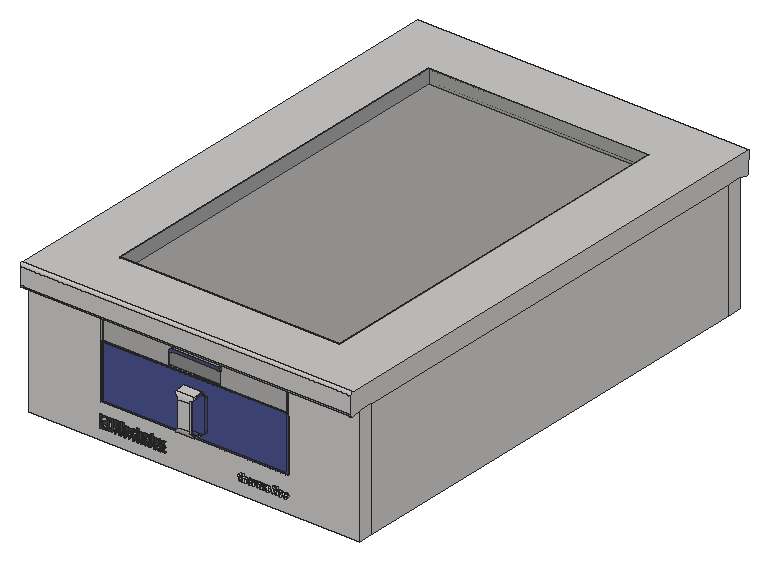
Revit family "QF_ELECTROLUXPROFESSIONAL_589502_MCRAAAFOBO", category Attrezzature speciali, Revit 2020
Family settings
  Quota connettore circolare = Usa diametro
  Tipo di parte = Normale
  Basato su piano di lavoro = No
  Sempre verticale = Sì
  Taglio con vuoti quando caricato = No
  Condiviso = No
  Punto di calcolo locali = No
Parameters (values of type "Standard")
  Weight = 32.00 kg
  Watts = 550 W
  Volts = 230 V
  URL Manufacturer = "https://www.electroluxprofessional.com/"
  URL = "https://www.electroluxprofessional.com/"
  Steam Supply Size = 0"
  Steam Supply Minimum Pressure = 0.00 psi
  Steam Supply Maximum Pressure = 0.00 psi
  Steam Consumption per Hour = 0
  Refrigeration Suction Line Size = 0 mm
  Refrigeration Liquid Line Size = 0 mm
  Refrigerant Compressor Remote = yes
  Prospetto di default = 0 mm
  Phase = 1
  Modello = "MCRAAAFOBO"
  Produttore = "Electrolux Professional"
  Length Actual = 600 mm  # constant formula
  Item Number = "589502"
  Hot Water Size = 0"
  Height Actual = 250 mm  # constant formula
  HP = "0.7 HP"
  Gas Size = 0"
  Gas KW = 0
  Gas Input Pressure = 0.0 Btu/h
  Direct Waste Size = 0"
  Descrizione = "EL.WARMING PLATE,1S,600X900X250H"
  Depth Actual = 900 mm  # constant formula
  Cycle = 50 Hz
  Condensate Return Size = 0"
  Compressed Air Volume = 0 GPM
  Compressed Air Size = 0"
  Compressed Air Pressure = 0.00 psi
  Cold Water Size = 0"
  Accessory = yes
Reference planes
  plane 1 "BACK": y = 0
  plane 2: z = 0
  plane 3 "LEFT": x = 0
  plane 4 "RIGHT": x = 600
  plane 5 "FRONT": y = -900
  plane 6 "TOP": z = 900
  plane 7 "Center (Left/Right)": x = 300
  plane 8: y = -450
  plane 9: y = -150
  plane 10: x = 100
  plane 11: x = 500
  plane 12: y = -100
  plane 13: y = -800
  plane 14 "EIx": x = 555
  plane 15 "EIy": y = -685
  plane 16 "BaseTop": z = 650
  plane 17: y = -855
Forms (mm)
  Extrusion 1, solid, material "QF_Finishes_Stainless Steel"
    sketch origin (-178.969, -4572, 100) x (-1, 0, 0) y (0, -1, 0)
      loop
        line (-178.969, -4527) -> (-178.969, -3717) -> (-778.969, -3717) -> (-778.969, -4527) -> (-178.969, -4527)
    from 550 to 762.969
  Extrusion 2, solid, material "QF_Finishes_Stainless Steel"
    sketch origin (0, 0, 650) x (-1, 0, 0) y (0, -1, 0)
      loop
        circle (-555, 685) r 6.35
    from 0 to -11.851
  Extrusion 3, solid, material "QF_Finishes_Stainless Steel"
    sketch origin (300, 296.4, 1219.2) x (0, 1, 0) y (0, 0, 1)
      loop
        line (-296.4, -319.2) -> (-1191.4, -319.2)
        arc (-1191.4, -319.2) -> (-1194.935, -320.664) -> (-1196.4, -324.2) r 5
        line (-1196.4, -324.2) -> (-1196.4, -355.2)
        arc (-1196.4, -355.2) -> (-1194.971, -358.264) -> (-1191.705, -359.139) r 4
        line (-1191.705, -359.139) -> (-1176.4, -356.231) -> (-316.4, -356.231) -> (-301.094, -359.139)
        arc (-301.094, -359.139) -> (-297.829, -358.264) -> (-296.4, -355.2) r 4
        line (-296.4, -355.2) -> (-296.4, -319.2)
    from -300 to 300
  Extrusion 4, solid, material "QF_Finishes_Electrolux_Black Smoke Iluminated"
    sketch origin (0, 0, 900) x (-1, 0, 0) y (0, -1, 0)
      loop
        line (-100, 100) -> (-100, 800) -> (-500, 800) -> (-500, 100) -> (-100, 100)
    from 1 to -20
  Extrusion 5, void
    sketch origin (0, 0, 900) x (-1, 0, 0) y (0, -1, 0)
      loop
        line (-100, 800) -> (-500, 800) -> (-500, 100) -> (-100, 100) -> (-100, 800)
    from 0 to -25
  Extrusion 6, solid, material "QF_Finishes_Stainless Steel"
    sketch origin (300, 296.4, 1219.2) x (0, 1, 0) y (0, 0, 1)
      loop
        line (-341.4, -356.231) -> (-341.4, -569.2) -> (-316.4, -569.2) -> (-316.4, -356.231) -> (-341.4, -356.231)
    from 300 to -300
Cuts and joins
  Extrusion 5 cuts Extrusion 3
Lines and regions (mm)
  symbolic lines
    curve 1: line (0, 0, 100) -> (600, 0, 100)
    curve 2: line (0, -900, 100) -> (0, 0, 100)
    curve 3: line (600, -900, 100) -> (0, -900, 100)
    curve 4: line (600, 0, 100) -> (600, -900, 100)
    curve 5: line (100, -800, 0) -> (500, -800, 0)
    curve 6: line (500, -800, 0) -> (500, -100, 0)
    curve 7: line (500, -100, 0) -> (100, -100, 0)
    curve 8: line (100, -100, 0) -> (100, -800, 0)
Dimensions and locks
  plane 3 "LEFT" to plane 4 "RIGHT" = 600 mm
  locked: plane 5 "FRONT" to plane 1 "BACK" at 900
  equal spacing: plane 3 "LEFT", plane 7 "Center (Left/Right)", plane 4 "RIGHT"
  equal spacing: plane 5 "FRONT", plane 8, plane 1 "BACK"
  plane 6 "TOP" to level = 900 mm  (x2)
  plane 1 "BACK" to plane 9 = 150 mm
  plane 1 "BACK" to Extrusion 2 = 685 mm
  locked: plane 14 "EIx" to plane 4 "RIGHT" at 45
  locked: plane 15 "EIy" to plane 1 "BACK" at 685
  locked: plane 12 to plane 1 "BACK" at 100
  locked: plane 5 "FRONT" to plane 13 at 100
  plane 3 "LEFT" to plane 10 = 100 mm
  plane 11 to plane 4 "RIGHT" = 100 mm
  locked: plane 6 "TOP" to plane 16 "BaseTop" at 250
  locked: plane 17 to plane 5 "FRONT" at 45
  aligned and locked: level to plane 2
  aligned and locked: cut or joined group of Extrusion 3, Extrusion 5 to plane 3 "LEFT"
  aligned and locked: cut or joined group of Extrusion 3, Extrusion 5 to plane 4 "RIGHT"
  aligned and locked: Extrusion 5 sketch curve to plane 10
  aligned and locked: plane 12 to Extrusion 5 sketch curve
  aligned and locked: plane 11 to Extrusion 5 sketch curve
  aligned and locked: Extrusion 5 sketch curve to plane 13
  aligned and locked: plane 12 to Extrusion 4 sketch curve
  aligned and locked: Extrusion 4 sketch curve to plane 10
  aligned and locked: Extrusion 4 sketch curve to plane 13
  aligned and locked: plane 11 to Extrusion 4 sketch curve
  aligned and locked: nested 1 to plane 17
  aligned and locked: Extrusion 1 to plane 17
  aligned and locked: plane 3 "LEFT" to nested 1
  aligned and locked: Extrusion 6 to plane 3 "LEFT"
  aligned and locked: Extrusion 6 to plane 4 "RIGHT"
Automatic sketch dimensions
  Extrusion 3 sketch curve to plane 5 "FRONT" = 0 mm
  Extrusion 3 sketch curve to plane 6 "TOP" = 0 mm
  Extrusion 3 sketch curve to plane 1 "BACK" = 0 mm
  Extrusion 3 sketch curve to plane 5 "FRONT" = 4 mm
  Extrusion 3 sketch curve to Extrusion 3 sketch curve = 0.695 mm
  Extrusion 3 sketch curve to plane 5 "FRONT" = 5 mm
  Extrusion 3 sketch curve to Extrusion 3 sketch curve = 15.305 mm
  plane 1 "BACK" to Extrusion 3 sketch curve = 20 mm
  plane 1 "BACK" to Extrusion 3 sketch curve = 4.695 mm
  Extrusion 3 sketch curve to Extrusion 3 sketch curve = 4 mm
  Extrusion 3 sketch curve to Extrusion 3 sketch curve = 31 mm
  Extrusion 3 sketch curve to plane 6 "TOP" = 36 mm
  Extrusion 3 sketch curve to Extrusion 3 sketch curve = 2.909 mm
  Extrusion 1 sketch curve to plane 4 "RIGHT" = 0 mm
  Extrusion 1 sketch curve to plane 3 "LEFT" = 0 mm
  plane 1 "BACK" to Extrusion 1 sketch curve = 45 mm
  plane 1 "BACK" to curve 1 = 0 mm
  curve 1 to plane 4 "RIGHT" = 0 mm
  curve 2 to plane 3 "LEFT" = 0 mm
  plane 5 "FRONT" to curve 3 = 0 mm
  curve 5 to plane 10 = 0 mm
  curve 5 to plane 11 = 0 mm
  plane 13 to curve 6 = 0 mm
  plane 12 to curve 6 = 0 mm
  Extrusion 2 sketch curve to plane 14 "EIx" = 0 mm
  Extrusion 2 sketch curve to plane 15 "EIy" = 0 mm
  Extrusion 1 sketch curve to plane 5 "FRONT" = 45 mm
  Extrusion 6 sketch curve to plane 16 "BaseTop" = 0 mm
  plane 1 "BACK" to Extrusion 6 sketch curve = 45 mm
  plane 1 "BACK" to Extrusion 6 sketch curve = 20 mm
  Extrusion 6 sketch curve to plane 6 "TOP" = 37.031 mm
  radius of Extrusion 2 sketch curve = 6.35 mm
Nested families
  nested 1: "Front_Panel_W600_1 Knob" at (102.376, -855, 0), type "Front_Panel_W600_1 Knob"
Connectors
  electrical at (555, -685, 638.149)
    settings: on Extrusion 2, index 1, voltage 400 V, apparent load 33000 VA, apparent load phase1 0 VA, apparent load phase2 0 VA, apparent load phase3 0 VA, power factor 1, load classification "Other", number of poles 1, system type 30, power factor state 1, is connector primary yes, connector utility no, sub classification motor no, connector description "ELECTRICAL CONNECTION"
Definition of nested family "Front_Panel_W600_1 Knob"
  Parameters
    Width = 600 mm
    Default Elevation = 0 mm
  Reference planes
    plane 1 "Center (Front/Back)": y = 0
    plane 2: z = 0
    plane 3 "Center (Left/Right)": x = 197.624
    plane 4 "Left": x = -102.376
    plane 5 "Right": x = 497.624
    plane 6: y = -45
    plane 7: y = -25
    plane 8: x = 367.624
    plane 9: x = 27.624
  Forms (mm)
    Extrusion 1, solid
      sketch origin (833.217, 829.203, -1.25) x (0, 1, 0) y (0, 0, 1)
        loop
          line (-854.203, 651.25) -> (-829.203, 651.25) -> (-829.203, 864.25) -> (-854.203, 864.25) -> (-854.203, 651.25)
      from -935.593 to -335.593
    Extrusion 2, void
      sketch origin (0, 0, 0) x (1, 0, 0) y (0, 0, 1)
        loop
          line (27.624, 853.866) -> (27.624, 711.866) -> (367.624, 711.866) -> (367.624, 853.866) -> (27.624, 853.866)
      from 19.387 to 33.951
  Cuts and joins
    Extrusion 2 cuts Extrusion 1
  Dimensions and locks
    equal spacing: plane 5 "Right", plane 3 "Center (Left/Right)", plane 4 "Left"
    "Width": plane 5 "Right" to plane 4 "Left"
    aligned and locked: cut or joined group of Extrusion 1, Extrusion 2 to plane 4 "Left"
    aligned and locked: plane 5 "Right" to cut or joined group of Extrusion 1, Extrusion 2
    aligned and locked: plane 3 "Center (Left/Right)" to nested 1
    aligned and locked: cut or joined group of Extrusion 1, Extrusion 2 to nested 1
    aligned and locked: plane 9 to Extrusion 2 sketch curve
    aligned and locked: Extrusion 2 sketch curve to plane 8
    aligned and locked: plane 9 to cut or joined group of Extrusion 1, Extrusion 2
    aligned and locked: plane 8 to cut or joined group of Extrusion 1, Extrusion 2
    aligned and locked: plane 9 to nested 1
    aligned and locked: plane 8 to nested 1
    aligned and locked: nested 4 to plane 9
  Automatic sketch dimensions
    Extrusion 1 sketch curve to plane 1 "Center (Front/Back)" = 0 mm
    level to Extrusion 1 sketch curve = 650 mm
    level to Extrusion 2 sketch curve = 711.866 mm
    Extrusion 2 sketch curve to Extrusion 2 sketch curve = 142 mm
    Extrusion 1 sketch curve to plane 6 = 20 mm
    Extrusion 1 sketch curve to Extrusion 1 sketch curve = 213 mm
  Nested families
    nested 1: "Front glass control panel W340_1 Knob" at (197.624, 280.644, 2.752), type "Front glass control panel W340_1 Knob"
    nested 2: "Range Control Handle" at (197.624, -28.137, -209.113) x (-1, 0, 0) z (0, 0, 1), type "Range Control Handle"
    nested 3: "ELX_ThermaLine_Small" at (319.031, -25, 679.426) x (1, 0, 0) z (0, -1, 0), type "ELX_ThermaLine_Small"
      with Show Logo yes, Material_Logo none
    nested 4: "ELX_Professional_Logo_Small" at (87.11, -25, 681.659) x (1, 0, 0) z (0, -1, 0), type "ELX_Professional_Logo_Small"
      with Show Logo yes, Material_Logo none
  Definition of nested family "Front glass control panel W340_1 Knob"
    Parameters
      Default Elevation = 0 mm
    Reference planes
      plane 1 "Center (Front/Back)": y = 0
      plane 2: z = 0
      plane 3 "Center (Left/Right)": x = 0
    Forms (mm)
      Extrusion 1, solid
        sketch origin (378.286, 0, 0.617) x (1, 0, 0) y (0, 0, 1)
          loop
            line (-548.286, 806.791) -> (-548.286, 708.497) -> (-208.286, 708.497) -> (-208.286, 806.791) -> (-548.286, 806.791)
        from 300.031 to 304.8
      Extrusion 2, solid
        sketch origin (378.286, 0, 0.617) x (1, 0, 0) y (0, 0, 1)
          loop
            line (-548.286, 850.497) -> (-548.286, 806.791) -> (-208.286, 806.791) -> (-208.286, 850.497) -> (-548.286, 850.497)
        from 300.031 to 304.8
      Extrusion 3, void
        sketch origin (378.286, 0, 0.617) x (1, 0, 0) y (0, 0, 1)
          loop
            line (-545.628, 847.565) -> (-545.628, 710.699) -> (-211.196, 710.699) -> (-211.196, 847.565) -> (-545.628, 847.565)
        from 303.697 to 304.8
      Extrusion 4, solid
        sketch origin (308.309, 1.101, -0.633) x (1, 0, 0) y (0, 0, 1)
          loop
            line (-261.431, 812.62) -> (-261.431, 834.177) -> (-266.24, 834.177) -> (-268.039, 835.977) -> (-348.469, 835.977) -> (-350.269, 834.177) -> (-355.186, 834.177) -> (-355.186, 812.62) -> (-261.431, 812.62)
        from 304.798 to 306.745
      Extrusion 5, solid
        sketch origin (308.309, 1.101, -0.633) x (1, 0, 0) y (0, 0, 1)
          loop
            line (-350.269, 834.177) -> (-348.469, 835.977) -> (-268.039, 835.977) -> (-266.24, 834.177) -> (-261.529, 834.177)
            arc (-261.529, 834.177) -> (-262.706, 838.752) -> (-266.98, 840.763) r 5.549
            line (-266.98, 840.763) -> (-349.686, 840.763)
            arc (-349.686, 840.763) -> (-353.942, 838.747) -> (-355.078, 834.177) r 5.5
            line (-355.078, 834.177) -> (-350.269, 834.177)
        from 304.798 to 306.745
    Cuts and joins
      Extrusion 3 cuts Extrusion 1
      Extrusion 3 cuts Extrusion 2
    Dimensions and locks
      equal spacing: cut or joined group of Extrusion 2, Extrusion 3, plane 3 "Center (Left/Right)", cut or joined group of Extrusion 2, Extrusion 3
      cut or joined group of Extrusion 2, Extrusion 3 to cut or joined group of Extrusion 2, Extrusion 3 = 340 mm
      aligned and locked: Extrusion 1 to Extrusion 2
      aligned and locked: Extrusion 5 to Extrusion 4
    Automatic sketch dimensions
      Extrusion 1 sketch curve to plane 3 "Center (Left/Right)" = 170 mm
      plane 3 "Center (Left/Right)" to Extrusion 1 sketch curve = 170 mm
      level to Extrusion 1 sketch curve = 709.114 mm
      Extrusion 1 sketch curve to Extrusion 1 sketch curve = 98.294 mm
      Extrusion 2 sketch curve to plane 3 "Center (Left/Right)" = 170 mm
      plane 3 "Center (Left/Right)" to Extrusion 2 sketch curve = 170 mm
      level to Extrusion 2 sketch curve = 807.408 mm
      Extrusion 2 sketch curve to Extrusion 2 sketch curve = 43.706 mm
      Extrusion 3 sketch curve to plane 3 "Center (Left/Right)" = 167.342 mm
      plane 3 "Center (Left/Right)" to Extrusion 3 sketch curve = 167.091 mm
      level to Extrusion 3 sketch curve = 711.316 mm
      Extrusion 3 sketch curve to Extrusion 3 sketch curve = 136.866 mm
      Extrusion 4 sketch curve to plane 3 "Center (Left/Right)" = 46.877 mm
      Extrusion 4 sketch curve to Extrusion 4 sketch curve = 4.917 mm
      Extrusion 4 sketch curve to Extrusion 4 sketch curve = 1.8 mm  (x3)
      plane 3 "Center (Left/Right)" to Extrusion 4 sketch curve = 40.269 mm
      Extrusion 4 sketch curve to Extrusion 4 sketch curve = 4.809 mm
      level to Extrusion 4 sketch curve = 811.987 mm
      Extrusion 4 sketch curve to Extrusion 4 sketch curve = 21.557 mm  (x2)
      Extrusion 5 sketch curve to plane 3 "Center (Left/Right)" = 46.769 mm
      Extrusion 5 sketch curve to Extrusion 5 sketch curve = 4.809 mm
      Extrusion 5 sketch curve to Extrusion 5 sketch curve = 0.583 mm
      Extrusion 5 sketch curve to Extrusion 5 sketch curve = 1.217 mm
      plane 3 "Center (Left/Right)" to Extrusion 5 sketch curve = 40.269 mm
      Extrusion 5 sketch curve to Extrusion 5 sketch curve = 1.059 mm
      Extrusion 5 sketch curve to Extrusion 5 sketch curve = 0.741 mm
      Extrusion 5 sketch curve to Extrusion 5 sketch curve = 4.711 mm
      level to Extrusion 5 sketch curve = 833.543 mm
      Extrusion 5 sketch curve to Extrusion 5 sketch curve = 0 mm
      Extrusion 5 sketch curve to Extrusion 5 sketch curve = 1.037 mm
      Extrusion 5 sketch curve to Extrusion 5 sketch curve = 0.714 mm
  Definition of nested family "Range Control Handle"
    Parameters
      Default Elevation = 0 mm
    Reference planes
      plane 1 "Center (Front/Back)": y = 0
      plane 2: z = 0
      plane 3 "Center (Left/Right)": x = 0
      plane 4: z = 971.092
      plane 5: y = -16.9
    Forms (mm)
      Extrusion 1, solid
        sketch origin (-746.28, 380.497, 208.931) x (-1, 0, 0) y (0, 0, 1)
          loop
            line (-770.101, 786.798) -> (-770.101, 731.649)
            arc (-770.101, 731.649) -> (-769.759, 730.563) -> (-768.855, 729.87) r 1.893
            line (-768.855, 729.87) -> (-763.474, 727.911) -> (-729.81, 727.911) -> (-724.428, 729.87)
            arc (-724.428, 729.87) -> (-723.525, 730.563) -> (-723.183, 731.649) r 1.893
            line (-723.183, 731.649) -> (-723.183, 786.798)
            arc (-723.183, 786.798) -> (-723.529, 787.894) -> (-724.44, 788.593) r 1.91
            line (-724.44, 788.593) -> (-729.683, 790.819) -> (-763.601, 790.819) -> (-768.844, 788.593)
            arc (-768.844, 788.593) -> (-769.755, 787.894) -> (-770.101, 786.798) r 1.91
        from -382.35 to -378.852
      Sweep 2, solid
        path origin (-746.788, 380.496, 208.091) x (0, -1, 0) y (0, 0, 1)
          loop
            line (379.775, 793.281) -> (395.661, 791.048)
            arc (395.661, 791.048) -> (397.781, 787.377) -> (398.517, 783.202) r 12.207
            line (398.517, 783.202) -> (398.517, 737.368)
            arc (398.517, 737.368) -> (397.781, 733.193) -> (395.661, 729.522) r 12.207
            line (395.661, 729.522) -> (379.775, 727.289)
        profile origin (-746.788, -7.222, 1000.256) x (0, -0.139173, 0.990268) y (-1, 0, 0)
          loop
            line (0.782, -763.123) -> (0.782, -730.907) -> (-1.322, -730.907) -> (-1.322, -763.123) -> (0.782, -763.123)
      Sweep 3, solid
        path origin (-746.788, 380.715, 207.832) x (0, -1, 0) y (0, 0, 1)
          loop
            line (380.478, 795.442) -> (397.218, 793.09)
            arc (397.218, 793.09) -> (399.929, 788.473) -> (400.871, 783.202) r 15.207
            line (400.871, 783.202) -> (400.871, 737.584)
            arc (400.871, 737.584) -> (399.914, 732.274) -> (397.164, 727.633) r 15.207
            line (397.164, 727.633) -> (380.601, 725.305)
        profile origin (-746.788, -8.132, 1002.099) x (0, -0.139173, 0.990268) y (-1, 0, 0)
          loop
            line (0.782, -763.123) -> (0.782, -730.907) -> (-1.322, -730.907) -> (-1.322, -763.123) -> (0.782, -763.123)
      Extrusion 4, void
        sketch origin (889.253, 220.666, 207.993) x (1, 0, 0) y (0, 0, 1)
          loop
            line (-943.038, 816.854) -> (-943.038, 703.686) -> (-899.466, 734.196) -> (-899.466, 786.344) -> (-943.038, 816.854)
        from 230.636 to 242.25
      Extrusion 5, void
        sketch origin (-888.8, 220.666, 207.993) x (-1, 0, 0) y (0, 0, -1)
          loop
            line (-943.038, -816.854) -> (-899.466, -786.344) -> (-899.466, -734.196) -> (-943.038, -703.686) -> (-943.038, -816.854)
        from 230.636 to 242.25
      Extrusion 6, solid
        sketch origin (0, 0, 0) x (1, 0, 0) y (0, 0, 1)
          loop
            circle (0, 971.092) r 7.736
        from -3.137 to -1.645
    Cuts and joins
      Extrusion 4, Extrusion 5 cuts Sweep 3
      Extrusion 4, Extrusion 5 cuts Sweep 2
      joined: Extrusion 1, Extrusion 6
    Lines and regions (mm)
      symbolic lines
        curve 1: line (16.334, -16.9, 0) -> (16.334, -19.227, 0)
        curve 2: spline (16.334, -19.227, 0) -> (15.87, -19.385, 0) -> (15.404, -19.536, 0) -> (14.936, -19.678, 0) -> (14.466, -19.813, 0) -> (13.995, -19.94, 0) -> (13.523, -20.059, 0) -> (13.049, -20.171, 0) -> (12.575, -20.274, 0) -> (12.099, -20.37, 0) -> (11.622, -20.458, 0) -> (11.144, -20.537, 0) -> (10.666, -20.609, 0)
        curve 3: line (10.666, -16.9, 0) -> (10.666, -20.938, 0)
        curve 4: line (-10.213, -20.938, 0) -> (10.666, -20.938, 0)
        curve 5: line (-10.213, -20.938, 0) -> (-10.213, -16.9, 0)
        curve 6: spline (-10.213, -20.609, 0) -> (-10.691, -20.537, 0) -> (-11.169, -20.458, 0) -> (-11.646, -20.37, 0) -> (-12.122, -20.274, 0) -> (-12.597, -20.171, 0) -> (-13.07, -20.059, 0) -> (-13.542, -19.94, 0) -> (-14.013, -19.813, 0) -> (-14.483, -19.678, 0) -> (-14.951, -19.536, 0) -> (-15.417, -19.385, 0) -> (-15.881, -19.227, 0)
        curve 7: line (-15.881, -19.227, 0) -> (-15.881, -16.9, 0)
  Definition of nested family "ELX_ThermaLine_Small"
    Parameters
      Show Logo [instance] = yes
      Material_Logo [instance] = none
      Default Elevation = 0 mm
    Reference planes
      plane 1 "Centro (Fronte/Retro)": y = 0
      plane 2: z = 0
      plane 3 "Centro (Sinistra/Destra)": x = 0
    Forms (mm)
      Extrusion 1, solid
        sketch origin (0, 0, 0) x (1, 0, 0) y (0, 1, 0)
          loop
            line (-1219.2, 1219.2) -> (-1219.2, -1219.2) -> (1219.2, -1219.2) -> (1219.2, 1219.2) -> (-1219.2, 1219.2)
        from 0 to -304.8
      Extrusion 2, solid
        sketch origin (0, 0, 0) x (1, 0, 0) y (0, 1, 0)
          loop
            line (-37.494, 1.229) -> (-35.908, 1.229) -> (-35.908, 3.066) -> (-37.494, 3.066) -> (-37.494, 6.221) -> (-39.867, 4.881) -> (-39.867, 3.066) -> (-40.969, 3.066) -> (-40.969, 1.229) -> (-39.867, 1.229) -> (-39.867, -3.407)
            arc (-39.867, -3.407) -> (-38.982, -5.513) -> (-36.751, -6.001) r 2.478
            line (-36.751, -6.001) -> (-35.638, -5.7) -> (-35.9, -3.835) -> (-36.661, -4.039)
            arc (-36.661, -4.039) -> (-37.236, -3.924) -> (-37.494, -3.399) r 0.662
            line (-37.494, -3.399) -> (-37.494, 1.229)
          loop
            line (-34.242, 6.539) -> (-34.242, -5.848) -> (-31.854, -5.848) -> (-31.854, -0.078)
            arc (-31.854, -0.078) -> (-30.939, 1.249) -> (-29.33, 1.367) r 1.866
            arc (-29.33, 1.367) -> (-28.695, 0.768) -> (-28.461, -0.073) r 1.627
            line (-28.461, -0.073) -> (-28.461, -5.848) -> (-26.086, -5.848) -> (-26.064, -0.46)
            arc (-26.064, -0.46) -> (-26.261, 0.932) -> (-26.786, 2.237) r 5.825
            arc (-26.786, 2.237) -> (-29.381, 3.264) -> (-31.854, 1.971) r 3.353
            line (-31.854, 1.971) -> (-31.854, 6.539) -> (-34.242, 6.539)
          loop
            arc (-18.398, -0.598) -> (-18.893, 0.879) -> (-20.326, 1.487) r 1.897
            arc (-20.326, 1.487) -> (-21.461, 0.708) -> (-21.897, -0.598) r 2.164
            line (-21.897, -0.598) -> (-18.398, -0.598)
          loop
            arc (-16.021, -2.044) -> (-16.754, 1.227) -> (-19.444, 3.226) r 4.814
            arc (-19.444, 3.226) -> (-22.137, 2.788) -> (-23.943, 0.743) r 4.054
            arc (-23.943, 0.743) -> (-24.382, -1.249) -> (-24.162, -3.276) r 6.289
            arc (-24.162, -3.276) -> (-23.302, -4.71) -> (-21.958, -5.705) r 4.28
            arc (-21.958, -5.705) -> (-18.558, -5.814) -> (-16.152, -3.409) r 4.28
            line (-16.152, -3.409) -> (-18.5, -2.995)
            arc (-18.5, -2.995) -> (-19.273, -3.994) -> (-20.533, -4.076) r 1.536
            arc (-20.533, -4.076) -> (-21.56, -3.281) -> (-21.958, -2.044) r 2.197
            line (-21.958, -2.044) -> (-16.021, -2.044)
          loop
            line (-14.165, -5.848) -> (-11.819, -5.848) -> (-11.819, -2.138)
            arc (-11.819, -2.138) -> (-11.787, -1.156) -> (-11.637, -0.185) r 8.18
            arc (-11.637, -0.185) -> (-10.644, 0.972) -> (-9.132, 0.776) r 1.603
            line (-9.132, 0.776) -> (-8.419, 2.846)
            arc (-8.419, 2.846) -> (-10.432, 3.118) -> (-11.994, 1.821) r 2.527
            line (-11.994, 1.821) -> (-11.994, 3.094) -> (-14.165, 3.094) -> (-14.165, -5.848)
          loop
            line (-7.579, 3.094) -> (-7.579, -5.848) -> (-5.178, -5.848) -> (-5.178, -0.756)
            arc (-5.178, -0.756) -> (-4.727, 0.679) -> (-3.417, 1.419) r 2.05
            arc (-3.417, 1.419) -> (-2.499, 0.908) -> (-2.155, -0.085) r 1.471
            line (-2.155, -0.085) -> (-2.155, -5.848) -> (0.23, -5.848) -> (0.23, -1.001)
            arc (0.23, -1.001) -> (0.47, 0.127) -> (1.148, 1.061) r 2.775
            arc (1.148, 1.061) -> (2.225, 1.329) -> (3.05, 0.587) r 1.182
            arc (3.05, 0.587) -> (3.199, -0.019) -> (3.214, -0.642) r 2.894
            line (3.214, -0.642) -> (3.214, -5.848) -> (5.601, -5.848) -> (5.601, 0.261)
            arc (5.601, 0.261) -> (4.87, 2.263) -> (2.976, 3.241) r 2.932
            arc (2.976, 3.241) -> (1.284, 2.973) -> (-0.047, 1.896) r 3.309
            arc (-0.047, 1.896) -> (-1.116, 2.865) -> (-2.506, 3.258) r 3.16
            arc (-2.506, 3.258) -> (-4.105, 2.942) -> (-5.376, 1.92) r 3.419
            line (-5.376, 1.92) -> (-5.376, 3.094) -> (-7.579, 3.094)
          loop
            line (7.583, 0.738) -> (9.702, 0.364)
            arc (9.702, 0.364) -> (11.441, 1.492) -> (12.855, -0.023) r 1.613
            line (12.855, -0.023) -> (9.782, -0.789)
            arc (9.782, -0.789) -> (8.559, -1.346) -> (7.617, -2.305) r 3.687
            arc (7.617, -2.305) -> (7.499, -3.681) -> (7.901, -5.003) r 3.651
            arc (7.901, -5.003) -> (9.107, -5.766) -> (10.515, -6.006) r 3.635
            arc (10.515, -6.006) -> (11.898, -5.697) -> (13.067, -4.895) r 3.734
            line (13.067, -4.895) -> (13.376, -5.848) -> (15.75, -5.848) -> (15.212, -4.193) -> (15.212, 0.38)
            arc (15.212, 0.38) -> (14.897, 1.849) -> (13.818, 2.895) r 2.585
            arc (13.818, 2.895) -> (11.792, 3.442) -> (9.719, 3.11) r 5.005
            arc (9.719, 3.11) -> (8.369, 2.178) -> (7.583, 0.738) r 3.54
          loop
            line (19.723, -5.848) -> (22.233, -5.848) -> (24.854, 6.484) -> (22.345, 6.484) -> (19.723, -5.848)
          loop
            line (24.583, -5.848) -> (26.953, -5.848) -> (28.848, 3.066) -> (26.478, 3.066) -> (24.583, -5.848)
          loop
            line (27.204, 6.484) -> (26.741, 4.305) -> (29.111, 4.305) -> (29.575, 6.484) -> (27.204, 6.484)
          loop
            line (29.355, -5.848) -> (31.849, -5.848) -> (33.098, 0.028)
            arc (33.098, 0.028) -> (34.169, 1.306) -> (35.832, 1.422) r 2.132
            arc (35.832, 1.422) -> (36.324, 0.752) -> (36.383, -0.078) r 1.5
            line (36.383, -0.078) -> (35.157, -5.848) -> (37.536, -5.848) -> (38.936, 0.738)
            arc (38.936, 0.738) -> (38.775, 2.091) -> (37.825, 3.066) r 2.118
            arc (37.825, 3.066) -> (35.392, 3.175) -> (33.295, 1.937) r 4.271
            line (33.295, 1.937) -> (33.535, 3.066) -> (31.25, 3.066) -> (29.355, -5.848)
          loop
            line (42.792, -0.64) -> (46.589, -0.64)
            arc (46.589, -0.64) -> (46.639, 0.124) -> (46.327, 0.823) r 1.589
            arc (46.327, 0.823) -> (45.117, 1.521) -> (43.762, 1.183) r 1.865
            arc (43.762, 1.183) -> (43.141, 0.344) -> (42.792, -0.64) r 3.538
          loop
            line (42.565, -2.138) -> (48.593, -2.138)
            arc (48.593, -2.138) -> (48.58, 0.597) -> (46.983, 2.818) r 4.494
            arc (46.983, 2.818) -> (44.191, 3.28) -> (41.725, 1.891) r 4.26
            arc (41.725, 1.891) -> (40.503, -0.3) -> (40.284, -2.799) r 6.003
            arc (40.284, -2.799) -> (40.959, -4.468) -> (42.377, -5.576) r 3.482
            arc (42.377, -5.576) -> (44.265, -5.961) -> (46.152, -5.576) r 4.823
            arc (46.152, -5.576) -> (47.432, -4.731) -> (48.328, -3.485) r 4.245
            line (48.328, -3.485) -> (46.168, -3.105)
            arc (46.168, -3.105) -> (45.214, -4.072) -> (43.859, -4.181) r 1.953
            arc (43.859, -4.181) -> (42.821, -3.408) -> (42.565, -2.138) r 1.81
          loop
            line (12.868, -1.553) -> (10.216, -2.214)
            arc (10.216, -2.214) -> (9.747, -3.136) -> (10.216, -4.058) r 1.14
            arc (10.216, -4.058) -> (11.537, -4.249) -> (12.614, -3.46) r 1.763
            arc (12.614, -3.46) -> (12.858, -2.522) -> (12.868, -1.553) r 3.97
        from 0 to 1.6
    Dimensions and locks
      aligned and locked: plane 2 to Extrusion 1
      aligned and locked: level to Extrusion 1
  Definition of nested family "ELX_Professional_Logo_Small"
    Parameters
      Show Logo [instance] = yes
      Material_Logo [instance] = none
      Default Elevation = 0 mm
    Reference planes
      plane 1 "Centro (Fronte/Retro)": y = 0
      plane 2: z = 0
      plane 3 "Centro (Sinistra/Destra)": x = 0
    Forms (mm)
      Extrusion 1, solid
        sketch origin (0, 0, 0) x (1, 0, 0) y (0, 1, 0)
          loop
            line (-1219.2, 1219.2) -> (-1219.2, -1219.2) -> (1219.2, -1219.2) -> (1219.2, 1219.2) -> (-1219.2, 1219.2)
        from 0 to -304.8
      Extrusion 2, solid, material <- "Material_Logo"
        sketch origin (15.5, 0, 0) x (1, 0, 0) y (0, 1, 0)
          loop
            spline (-42.99, -1.24) -> (-43.195, -1.231) -> (-43.415, -1.203) -> (-43.642, -1.152) -> (-43.87, -1.074) -> (-44.095, -0.966) -> (-44.309, -0.825) -> (-44.506, -0.647) -> (-44.681, -0.429) -> (-44.828, -0.167) -> (-44.94, 0.142) -> (-45.011, 0.501) -> (-45.037, 0.915)
            line (-45.037, 0.915) -> (-45.037, 2.748) -> (-38.984, 2.748) -> (-38.984, 5.086) -> (-45.038, 5.086) -> (-45.038, 8.489) -> (-38.599, 8.489) -> (-38.599, 10.82) -> (-47.515, 10.82) -> (-47.515, 1.021)
            spline (-47.515, 1.021) -> (-47.493, 0.418) -> (-47.425, -0.15) -> (-47.311, -0.682) -> (-47.15, -1.175) -> (-46.939, -1.628) -> (-46.678, -2.038) -> (-46.365, -2.404) -> (-46, -2.723) -> (-45.58, -2.995) -> (-45.105, -3.216) -> (-44.573, -3.385) -> (-43.983, -3.499)
            line (-43.983, -3.499) -> (-43.01, -3.569) -> (-38.426, -3.569) -> (-38.426, -1.24) -> (-42.99, -1.24)
          loop
            line (-36.666, 4.021) -> (-36.666, -3.573) -> (-34.188, -3.573) -> (-34.188, 10.824) -> (-36.666, 10.824) -> (-36.666, 4.021)
          loop
            spline (-21.915, 1.897) -> (-21.957, 2.615) -> (-22.082, 3.303) -> (-22.285, 3.955) -> (-22.563, 4.564) -> (-22.913, 5.124) -> (-23.331, 5.629) -> (-23.814, 6.074) -> (-24.359, 6.451) -> (-24.961, 6.755) -> (-25.618, 6.98) -> (-26.326, 7.119) -> (-27.081, 7.167)
            spline (-27.081, 7.167) -> (-27.853, 7.122) -> (-28.586, 6.99) -> (-29.275, 6.774) -> (-29.915, 6.478) -> (-30.5, 6.104) -> (-31.024, 5.657) -> (-31.483, 5.138) -> (-31.871, 4.553) -> (-32.182, 3.904) -> (-32.411, 3.194) -> (-32.552, 2.427) -> (-32.6, 1.606)
            spline (-32.6, 1.606) -> (-32.553, 0.805) -> (-32.416, 0.057) -> (-32.193, -0.637) -> (-31.887, -1.271) -> (-31.504, -1.843) -> (-31.048, -2.35) -> (-30.523, -2.788) -> (-29.934, -3.154) -> (-29.284, -3.444) -> (-28.579, -3.656) -> (-27.822, -3.785) -> (-27.019, -3.829)
            spline (-27.019, -3.829) -> (-26.627, -3.82) -> (-26.239, -3.79) -> (-25.856, -3.739) -> (-25.477, -3.663) -> (-25.103, -3.562) -> (-24.734, -3.432) -> (-24.369, -3.273) -> (-24.01, -3.082) -> (-23.655, -2.858) -> (-23.305, -2.597) -> (-22.96, -2.299) -> (-22.621, -1.962)
            line (-22.621, -1.962) -> (-24.114, -0.509)
            spline (-24.114, -0.509) -> (-24.311, -0.699) -> (-24.509, -0.872) -> (-24.71, -1.03) -> (-24.915, -1.172) -> (-25.126, -1.297) -> (-25.346, -1.407) -> (-25.576, -1.5) -> (-25.817, -1.576) -> (-26.072, -1.636) -> (-26.342, -1.678) -> (-26.629, -1.704) -> (-26.936, -1.713)
            spline (-26.936, -1.713) -> (-27.384, -1.691) -> (-27.805, -1.625) -> (-28.196, -1.518) -> (-28.556, -1.372) -> (-28.882, -1.187) -> (-29.174, -0.966) -> (-29.429, -0.71) -> (-29.645, -0.422) -> (-29.821, -0.102) -> (-29.955, 0.247) -> (-30.045, 0.623) -> (-30.089, 1.026)
            line (-30.089, 1.026) -> (-21.956, 1.026) -> (-21.915, 1.897)
          loop
            spline (-24.446, 2.769) -> (-24.47, 3.075) -> (-24.54, 3.37) -> (-24.654, 3.65) -> (-24.807, 3.913) -> (-24.996, 4.156) -> (-25.219, 4.376) -> (-25.472, 4.57) -> (-25.753, 4.736) -> (-26.057, 4.869) -> (-26.382, 4.968) -> (-26.724, 5.03) -> (-27.081, 5.051)
            spline (-27.081, 5.051) -> (-27.464, 5.03) -> (-27.832, 4.97) -> (-28.183, 4.872) -> (-28.513, 4.74) -> (-28.819, 4.577) -> (-29.099, 4.384) -> (-29.347, 4.165) -> (-29.563, 3.923) -> (-29.742, 3.659) -> (-29.881, 3.377) -> (-29.977, 3.079) -> (-30.027, 2.769)
            line (-30.027, 2.769) -> (-24.446, 2.769)
          loop
            spline (-18.167, 1.669) -> (-18.138, 2.13) -> (-18.055, 2.567) -> (-17.921, 2.978) -> (-17.739, 3.358) -> (-17.512, 3.705) -> (-17.243, 4.016) -> (-16.937, 4.287) -> (-16.596, 4.517) -> (-16.223, 4.7) -> (-15.823, 4.835) -> (-15.398, 4.919) -> (-14.951, 4.947)
            spline (-14.951, 4.947) -> (-14.677, 4.938) -> (-14.414, 4.913) -> (-14.162, 4.871) -> (-13.921, 4.812) -> (-13.69, 4.738) -> (-13.467, 4.649) -> (-13.254, 4.544) -> (-13.048, 4.424) -> (-12.85, 4.291) -> (-12.659, 4.143) -> (-12.474, 3.981) -> (-12.295, 3.806)
            line (-12.295, 3.806) -> (-10.76, 5.403)
            spline (-10.76, 5.403) -> (-11.065, 5.709) -> (-11.38, 5.984) -> (-11.703, 6.228) -> (-12.035, 6.443) -> (-12.375, 6.63) -> (-12.723, 6.788) -> (-13.078, 6.92) -> (-13.44, 7.026) -> (-13.809, 7.107) -> (-14.184, 7.164) -> (-14.564, 7.198) -> (-14.951, 7.209)
            spline (-14.951, 7.209) -> (-15.725, 7.161) -> (-16.467, 7.02) -> (-17.169, 6.792) -> (-17.826, 6.482) -> (-18.43, 6.096) -> (-18.976, 5.637) -> (-19.455, 5.112) -> (-19.862, 4.525) -> (-20.19, 3.882) -> (-20.433, 3.189) -> (-20.584, 2.449) -> (-20.635, 1.669)
            spline (-20.635, 1.669) -> (-20.584, 0.889) -> (-20.433, 0.149) -> (-20.19, -0.545) -> (-19.862, -1.187) -> (-19.455, -1.774) -> (-18.976, -2.299) -> (-18.43, -2.758) -> (-17.826, -3.145) -> (-17.169, -3.454) -> (-16.467, -3.682) -> (-15.725, -3.823) -> (-14.951, -3.871)
            spline (-14.951, -3.871) -> (-14.564, -3.86) -> (-14.184, -3.826) -> (-13.809, -3.77) -> (-13.44, -3.689) -> (-13.078, -3.583) -> (-12.723, -3.451) -> (-12.375, -3.292) -> (-12.035, -3.105) -> (-11.703, -2.89) -> (-11.38, -2.646) -> (-11.065, -2.371) -> (-10.76, -2.066)
            line (-10.76, -2.066) -> (-12.295, -0.468)
            spline (-12.295, -0.468) -> (-12.474, -0.643) -> (-12.659, -0.805) -> (-12.85, -0.953) -> (-13.048, -1.087) -> (-13.254, -1.206) -> (-13.467, -1.311) -> (-13.69, -1.4) -> (-13.921, -1.475) -> (-14.162, -1.533) -> (-14.414, -1.575) -> (-14.677, -1.6) -> (-14.951, -1.609)
            spline (-14.951, -1.609) -> (-15.398, -1.581) -> (-15.823, -1.497) -> (-16.223, -1.362) -> (-16.596, -1.179) -> (-16.937, -0.95) -> (-17.243, -0.678) -> (-17.512, -0.367) -> (-17.739, -0.02) -> (-17.921, 0.36) -> (-18.055, 0.771) -> (-18.138, 1.208) -> (-18.167, 1.669)
          loop
            spline (-4.441, -1.243) -> (-4.659, -1.247) -> (-4.894, -1.23) -> (-5.137, -1.19) -> (-5.384, -1.121) -> (-5.628, -1.021) -> (-5.864, -0.884) -> (-6.084, -0.708) -> (-6.283, -0.488) -> (-6.454, -0.219) -> (-6.592, 0.101) -> (-6.69, 0.478) -> (-6.742, 0.914)
            line (-6.742, 0.914) -> (-6.742, 4.587) -> (-4.487, 4.587) -> (-4.487, 6.838) -> (-6.738, 6.838) -> (-6.738, 10.824) -> (-9.217, 10.824) -> (-9.217, 0.773)
            spline (-9.217, 0.773) -> (-9.164, 0.19) -> (-9.068, -0.358) -> (-8.928, -0.87) -> (-8.742, -1.343) -> (-8.511, -1.777) -> (-8.232, -2.168) -> (-7.904, -2.515) -> (-7.527, -2.816) -> (-7.098, -3.069) -> (-6.618, -3.273) -> (-6.084, -3.426) -> (-5.496, -3.525)
            line (-5.496, -3.525) -> (-4.45, -3.573) -> (-4.441, -1.243)
          loop
            spline (3.898, 6.983) -> (3.469, 7.009) -> (3.056, 7.001) -> (2.661, 6.961) -> (2.283, 6.888) -> (1.925, 6.785) -> (1.588, 6.652) -> (1.272, 6.49) -> (0.979, 6.301) -> (0.71, 6.085) -> (0.465, 5.844) -> (0.247, 5.578) -> (0.056, 5.289)
            line (0.056, 5.289) -> (0.056, 6.838) -> (-2.402, 6.838) -> (-2.402, -3.572) -> (0.056, -3.572) -> (0.056, 1.901)
            spline (0.056, 1.901) -> (0.079, 2.316) -> (0.145, 2.703) -> (0.254, 3.06) -> (0.404, 3.386) -> (0.592, 3.679) -> (0.818, 3.938) -> (1.08, 4.162) -> (1.375, 4.348) -> (1.703, 4.495) -> (2.062, 4.602) -> (2.45, 4.668) -> (2.865, 4.69)
            line (2.865, 4.69) -> (3.898, 4.586) -> (3.898, 6.983)
          loop
            spline (15.638, 1.633) -> (15.586, 2.396) -> (15.435, 3.124) -> (15.192, 3.81) -> (14.863, 4.449) -> (14.455, 5.034) -> (13.975, 5.56) -> (13.43, 6.021) -> (12.826, 6.411) -> (12.17, 6.724) -> (11.469, 6.955) -> (10.729, 7.098) -> (9.958, 7.147)
            spline (9.958, 7.147) -> (9.182, 7.098) -> (8.44, 6.955) -> (7.737, 6.724) -> (7.081, 6.411) -> (6.477, 6.021) -> (5.933, 5.56) -> (5.454, 5.034) -> (5.048, 4.449) -> (4.721, 3.81) -> (4.479, 3.124) -> (4.329, 2.396) -> (4.277, 1.633)
            spline (4.277, 1.633) -> (4.329, 0.869) -> (4.479, 0.141) -> (4.721, -0.544) -> (5.048, -1.183) -> (5.454, -1.768) -> (5.933, -2.294) -> (6.477, -2.755) -> (7.081, -3.145) -> (7.737, -3.459) -> (8.44, -3.69) -> (9.182, -3.833) -> (9.958, -3.882)
            spline (9.958, -3.882) -> (10.729, -3.833) -> (11.469, -3.69) -> (12.17, -3.459) -> (12.826, -3.145) -> (13.43, -2.755) -> (13.975, -2.294) -> (14.455, -1.768) -> (14.863, -1.183) -> (15.192, -0.544) -> (15.435, 0.141) -> (15.586, 0.869) -> (15.638, 1.633)
          loop
            spline (13.18, 1.633) -> (13.151, 2.083) -> (13.067, 2.513) -> (12.932, 2.918) -> (12.748, 3.296) -> (12.52, 3.642) -> (12.251, 3.954) -> (11.943, 4.227) -> (11.601, 4.459) -> (11.228, 4.645) -> (10.828, 4.782) -> (10.403, 4.867) -> (9.958, 4.896)
            spline (9.958, 4.896) -> (9.509, 4.867) -> (9.081, 4.782) -> (8.679, 4.645) -> (8.306, 4.459) -> (7.964, 4.227) -> (7.658, 3.954) -> (7.39, 3.642) -> (7.163, 3.296) -> (6.981, 2.918) -> (6.847, 2.513) -> (6.765, 2.083) -> (6.736, 1.633)
            spline (6.736, 1.633) -> (6.765, 1.182) -> (6.847, 0.753) -> (6.981, 0.347) -> (7.163, -0.031) -> (7.39, -0.377) -> (7.658, -0.689) -> (7.964, -0.962) -> (8.306, -1.193) -> (8.679, -1.38) -> (9.081, -1.517) -> (9.509, -1.602) -> (9.958, -1.631)
            spline (9.958, -1.631) -> (10.403, -1.602) -> (10.828, -1.517) -> (11.228, -1.38) -> (11.601, -1.193) -> (11.943, -0.962) -> (12.251, -0.689) -> (12.52, -0.377) -> (12.748, -0.031) -> (12.932, 0.347) -> (13.067, 0.753) -> (13.151, 1.182) -> (13.18, 1.633)
          loop
            line (17.162, 4.269) -> (17.162, -3.573) -> (19.642, -3.573) -> (19.642, 10.824) -> (17.162, 10.824) -> (17.162, 4.269)
          loop
            line (28.581, 6.838) -> (28.581, 0.786)
            spline (28.581, 0.786) -> (28.561, 0.393) -> (28.503, 0.038) -> (28.409, -0.279) -> (28.281, -0.559) -> (28.122, -0.802) -> (27.933, -1.011) -> (27.717, -1.185) -> (27.476, -1.325) -> (27.213, -1.433) -> (26.929, -1.509) -> (26.626, -1.554) -> (26.308, -1.569)
            spline (26.308, -1.569) -> (25.99, -1.554) -> (25.688, -1.509) -> (25.404, -1.434) -> (25.141, -1.326) -> (24.9, -1.187) -> (24.684, -1.014) -> (24.496, -0.807) -> (24.336, -0.565) -> (24.209, -0.288) -> (24.115, 0.026) -> (24.057, 0.376) -> (24.037, 0.765)
            line (24.037, 0.765) -> (24.037, 6.838) -> (21.537, 6.838) -> (21.537, 0.558)
            spline (21.537, 0.558) -> (21.581, -0.153) -> (21.71, -0.8) -> (21.916, -1.384) -> (22.195, -1.904) -> (22.54, -2.362) -> (22.944, -2.757) -> (23.403, -3.09) -> (23.909, -3.362) -> (24.456, -3.572) -> (25.04, -3.722) -> (25.652, -3.811) -> (26.288, -3.841)
            spline (26.288, -3.841) -> (26.929, -3.811) -> (27.547, -3.72) -> (28.135, -3.568) -> (28.687, -3.355) -> (29.197, -3.079) -> (29.66, -2.741) -> (30.068, -2.341) -> (30.415, -1.877) -> (30.696, -1.349) -> (30.905, -0.757) -> (31.034, -0.101) -> (31.079, 0.621)
            line (31.079, 0.621) -> (31.079, 6.838) -> (28.581, 6.838)
          loop
            line (40.457, -0.243) -> (38.894, 1.942) -> (40.83, 4.579) -> (42.488, 6.837) -> (39.782, 6.837) -> (37.53, 3.719) -> (35.258, 6.837) -> (32.573, 6.837) -> (34.113, 4.731) -> (36.167, 1.922) -> (34.014, -1.076) -> (32.222, -3.573) -> (34.887, -3.573) -> (37.53, 0.104) -> (40.174, -3.573) -> (42.839, -3.573) -> (40.457, -0.243)
          loop
            line (-46.121, -5.837) -> (-48.039, -5.837) -> (-48.039, -10.814) -> (-47.016, -10.814) -> (-47.016, -9.128) -> (-46.121, -9.128)
            arc (-46.121, -9.128) -> (-44.476, -7.482) -> (-46.121, -5.837) r 1.645
          loop
            line (-46.163, -6.778) -> (-47.016, -6.778) -> (-47.016, -8.187) -> (-46.163, -8.187)
            arc (-46.163, -8.187) -> (-45.458, -7.482) -> (-46.163, -6.778) r 0.704
          loop
            line (-38.313, -5.837) -> (-40.265, -5.837) -> (-40.265, -10.814) -> (-39.241, -10.814) -> (-39.241, -9.1) -> (-38.46, -9.182) -> (-37.48, -10.814) -> (-36.318, -10.814) -> (-37.513, -8.848)
            arc (-37.513, -8.848) -> (-36.888, -8.266) -> (-36.671, -7.441) r 1.536
            arc (-36.671, -7.441) -> (-37.165, -6.305) -> (-38.313, -5.837) r 1.643
          loop
            arc (-38.402, -8.166) -> (-37.707, -7.505) -> (-38.334, -6.778) r 0.696
            line (-38.334, -6.778) -> (-39.241, -6.778) -> (-39.241, -8.166) -> (-38.402, -8.166)
          loop
            circle (-29.965, -8.325) r 2.585
          loop
            circle (-29.965, -8.325) r 1.64
          loop
            line (-23.1, -5.837) -> (-23.1, -10.814) -> (-22.076, -10.814) -> (-22.076, -8.768) -> (-20.204, -8.768) -> (-20.204, -7.828) -> (-22.076, -7.828) -> (-22.076, -6.778) -> (-20.024, -6.778) -> (-20.024, -5.837) -> (-23.1, -5.837)
          loop
            line (-15.802, -5.837) -> (-15.802, -9.2)
            arc (-15.802, -9.2) -> (-15.343, -10.34) -> (-14.209, -10.814) r 1.593
            line (-14.209, -10.814) -> (-12.602, -10.814) -> (-12.602, -10.027) -> (-14.004, -10.027)
            arc (-14.004, -10.027) -> (-14.552, -9.8) -> (-14.779, -9.252) r 0.775
            line (-14.779, -9.252) -> (-14.779, -8.424) -> (-12.789, -8.424) -> (-12.789, -7.642) -> (-14.779, -7.642) -> (-14.779, -6.778) -> (-12.651, -6.778) -> (-12.651, -5.837) -> (-15.802, -5.837)
          loop
            line (-5.909, -7.143) -> (-5.173, -6.638)
            arc (-5.173, -6.638) -> (-5.855, -5.974) -> (-6.781, -5.755) r 1.782
            arc (-6.781, -5.755) -> (-7.397, -5.878) -> (-7.944, -6.189) r 1.974
            arc (-7.944, -6.189) -> (-8.202, -6.5) -> (-8.317, -6.888) r 1.013
            arc (-8.317, -6.888) -> (-8.306, -7.341) -> (-8.192, -7.78) r 1.985
            arc (-8.192, -7.78) -> (-7.749, -8.259) -> (-7.171, -8.563) r 1.928
            arc (-7.171, -8.563) -> (-6.637, -8.779) -> (-6.131, -9.056) r 5.041
            arc (-6.131, -9.056) -> (-5.934, -9.387) -> (-6.09, -9.74) r 0.42
            arc (-6.09, -9.74) -> (-6.631, -9.96) -> (-7.204, -9.845) r 1.016
            arc (-7.204, -9.845) -> (-7.625, -9.603) -> (-7.889, -9.196) r 1.033
            line (-7.889, -9.196) -> (-8.67, -9.686)
            arc (-8.67, -9.686) -> (-8.361, -10.198) -> (-7.908, -10.589) r 1.914
            arc (-7.908, -10.589) -> (-7.334, -10.834) -> (-6.714, -10.896) r 2.063
            arc (-6.714, -10.896) -> (-5.947, -10.743) -> (-5.256, -10.376) r 2.696
            arc (-5.256, -10.376) -> (-4.95, -9.565) -> (-5.108, -8.712) r 1.618
            arc (-5.108, -8.712) -> (-5.448, -8.319) -> (-5.884, -8.035) r 1.876
            arc (-5.884, -8.035) -> (-6.434, -7.789) -> (-6.999, -7.577) r 9.883
            arc (-6.999, -7.577) -> (-7.325, -7.07) -> (-6.854, -6.694) r 0.45
            arc (-6.854, -6.694) -> (-6.329, -6.809) -> (-5.909, -7.143) r 1.197
          loop
            line (1.61, -7.143) -> (2.345, -6.638)
            arc (2.345, -6.638) -> (1.663, -5.974) -> (0.737, -5.755) r 1.782
            arc (0.737, -5.755) -> (0.121, -5.878) -> (-0.425, -6.189) r 1.974
            arc (-0.425, -6.189) -> (-0.683, -6.5) -> (-0.799, -6.888) r 1.013
            arc (-0.799, -6.888) -> (-0.788, -7.341) -> (-0.674, -7.78) r 1.985
            arc (-0.674, -7.78) -> (-0.231, -8.259) -> (0.347, -8.563) r 1.928
            arc (0.347, -8.563) -> (0.881, -8.779) -> (1.387, -9.056) r 5.041
            arc (1.387, -9.056) -> (1.584, -9.387) -> (1.428, -9.74) r 0.42
            arc (1.428, -9.74) -> (0.887, -9.96) -> (0.314, -9.845) r 1.016
            arc (0.314, -9.845) -> (-0.107, -9.603) -> (-0.371, -9.196) r 1.033
            line (-0.371, -9.196) -> (-1.152, -9.686)
            arc (-1.152, -9.686) -> (-0.842, -10.198) -> (-0.39, -10.589) r 1.914
            arc (-0.39, -10.589) -> (0.184, -10.834) -> (0.804, -10.896) r 2.063
            arc (0.804, -10.896) -> (1.572, -10.743) -> (2.263, -10.376) r 2.696
            arc (2.263, -10.376) -> (2.568, -9.565) -> (2.411, -8.712) r 1.618
            arc (2.411, -8.712) -> (2.07, -8.319) -> (1.635, -8.035) r 1.876
            arc (1.635, -8.035) -> (1.084, -7.789) -> (0.519, -7.577) r 9.883
            arc (0.519, -7.577) -> (0.193, -7.07) -> (0.665, -6.694) r 0.45
            arc (0.665, -6.694) -> (1.189, -6.809) -> (1.61, -7.143) r 1.197
          loop
            line (6.801, -5.837) -> (6.801, -10.814) -> (7.825, -10.814) -> (7.825, -5.837) -> (6.801, -5.837)
          loop
            circle (14.724, -8.325) r 1.548
          loop
            circle (14.724, -8.325) r 2.585
          loop
            line (21.59, -10.814) -> (22.623, -10.814) -> (22.623, -7.685) -> (24.9, -10.814) -> (25.895, -10.814) -> (25.895, -5.837) -> (24.861, -5.837) -> (24.861, -9.061) -> (22.585, -5.837) -> (21.59, -5.837) -> (21.59, -10.814)
          loop
            line (31.054, -10.814) -> (31.539, -9.74) -> (33.38, -9.74) -> (33.865, -10.814) -> (34.965, -10.814) -> (32.46, -5.837) -> (29.956, -10.814) -> (31.054, -10.814)
          loop
            line (32.46, -7.698) -> (31.999, -8.719) -> (32.921, -8.719) -> (32.46, -7.698)
          loop
            line (40.047, -9.873) -> (40.047, -5.837) -> (39.024, -5.837) -> (39.024, -10.814) -> (41.961, -10.814) -> (41.961, -9.873) -> (40.047, -9.873)
          loop
            line (-74.986, -10.814) -> (-53.322, -10.814) -> (-53.322, 10.82) -> (-74.986, 10.82) -> (-74.986, -10.814)
          loop
            line (-61.261, 9.758) -> (-61.261, -9.707)
            arc (-61.261, -9.707) -> (-54.066, 0.025) -> (-61.261, 9.758) r 10.18
          loop
            line (-62.251, 8.349) -> (-62.251, 9.758)
            arc (-62.251, 9.758) -> (-70.347, 7.918) -> (-74.247, 0.59) r 9.976
            line (-74.247, 0.59) -> (-71.026, 0.59)
            arc (-71.026, 0.59) -> (-65.274, 2.925) -> (-62.251, 8.349) r 9.351
          loop
            arc (-74.247, -0.539) -> (-70.353, -7.928) -> (-62.251, -9.957) r 10.237
            line (-62.251, -9.957) -> (-62.251, -8.298)
            arc (-62.251, -8.298) -> (-65.274, -2.874) -> (-71.026, -0.539) r 9.351
            line (-71.026, -0.539) -> (-74.247, -0.539)
        from 0 to 1.644
    Dimensions and locks
      aligned and locked: plane 2 to Extrusion 1
      aligned and locked: level to Extrusion 1
